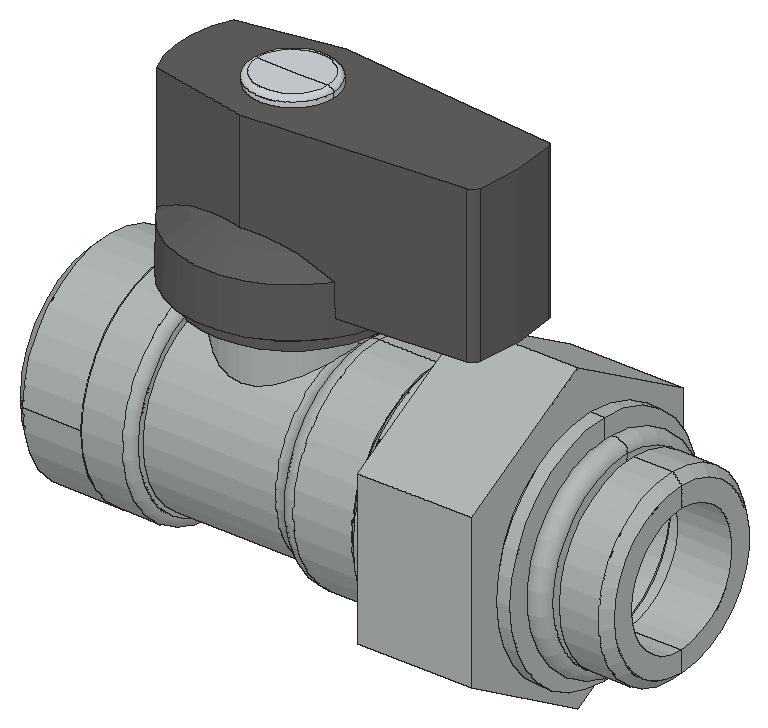
Revit family "QL10462415", category Apparecchi idraulici, Revit 2020
Family settings
  Quota connettore circolare = Usa diametro
  Tipo di parte = Normale
  Numero OmniClass = 23.45.00.00
  Titolo OmniClass = Sanitary, Laundry, and Cleaning Equipment
  Basato su piano di lavoro = No
  Sempre verticale = Sì
  Taglio con vuoti quando caricato = No
  Condiviso = No
  Punto di calcolo locali = No
Parameters
  URL = "https://web.cimberio.com/index.php/figura/983?subcategoria_id=80"
  Temperatura di esercizio = ""
  Prospetto di default = 0 mm
  Produttore = "CIMBERIO SPA"
  Pressione nominale = ""
  Modello = "Cim 075"
  Materiale = "Prodotto in lega di ottone conforme alla norma EN 12165-CW617N-DW"
  Descrizione = "Realizzato in ottemperanza ai requisiti gestionali della norma EN ISO 9001.\r\nCollaudato al 100% secondo la normativa EN 12266-1."
  DN [instance] = 18 mm
  Commenti sul tipo = "Utilizzato nei più svariati settori dell'impiantistica: impianti di riscaldamento, condizionamento, idrici, igienico-sanitari, aria compressa e in generale con ogni fluido non corrosivo"
Reference planes
  plane 1 "Centro (Fronte/Retro)": y = 0
  plane 2: z = 0
  plane 3 "Centro (Sinistra/Destra)": x = 0
Forms (mm)
  Revolve 1, solid, material "Cim_Gomma"
    sketch origin (1.72, 0, -14.009) x (1, 0, 0) y (0, 0, 1)
      loop
        line (-13.65, 29.159) -> (-12.068, 28.245) -> (-12.068, 27.3) -> (-1.75, 27.3) -> (-1.75, 38.235)
        arc (-1.75, 38.235) -> (-7.968, 37.443) -> (-13.555, 34.603) r 18.326
        line (-13.555, 34.603) -> (-13.65, 29.159)
      axis (-1.75, 27.3) -> (-1.75, 38.235)
    angle from 0 to 360
  Revolve 2, solid
    sketch origin (1.75, 0, -13.99) x (1, 0, 0) y (0, 0, 1)
      loop
        line (-6.25, 48.586) -> (-6.25, 47.06) -> (-1.75, 47.06) -> (-1.75, 49.1) -> (-5.644, 49.1)
        arc (-5.644, 49.1) -> (-6.041, 48.954) -> (-6.25, 48.586) r 0.614
      axis (-1.75, 49.1) -> (-1.75, 47.06)
    angle from 0 to 360
  Extrusion 3, solid, material "Cim_Gomma"
    sketch origin (1.564, 0, -13.989) x (1, 0, 0) y (0, 1, 0)
      loop
        line (-1.55, -7.358) -> (21.897, -5.374)
        arc (21.897, -5.374) -> (22.482, -5.121) -> (22.795, -4.565) r 1
        arc (22.795, -4.565) -> (23.239, 0.126) -> (22.795, 4.817) r 25
        arc (22.795, 4.817) -> (22.645, 5.184) -> (22.364, 5.464) r 1
        line (22.364, 5.464) -> (-1.549, 7.359) -> (-12.286, 5.325)
        arc (-12.286, 5.325) -> (-13.555, -0.054) -> (-12.237, -5.422) r 11.805
        line (-12.237, -5.422) -> (-1.55, -7.358)
    from 31.045 to 48.089
  Revolve 4, solid, material "Cim_Lega di ottone"
    sketch origin (0, 0, 0) x (1, 0, 0) y (0, 0, 1)
      loop
        line (16.1, -9) -> (-8.2, -9) -> (-8.2, -10.5) -> (6.472, -10.5)
        arc (6.472, -10.5) -> (7.439, -10.775) -> (8.214, -11.414) r 2.453
        arc (8.214, -11.414) -> (8.863, -11.848) -> (9.628, -12) r 2
        line (9.628, -12) -> (16.1, -12) -> (16.1, -9)
      axis (-8.2, 0) -> (16.1, 0)
    angle from 0 to 360
  Revolve 5, solid, material "Cim_Lega di ottone"
    sketch origin (0, 0, 0) x (1, 0, 0) y (0, 0, 1)
      loop
        line (-7.25, 15.629) -> (-7.25, 2.95) -> (-5, 2.95) -> (-5, 15.629) -> (-7.25, 15.629)
      axis (0, 15.629) -> (0, 2.95)
    angle from 0 to 360
  Revolve 6, solid, material "Cim_Lega di ottone filetto"
    sketch origin (4.71, 0, 0) x (1, 0, 0) y (0, 1, 0)
      loop
        line (-24.91, 12) -> (-26.21, 10.7) -> (-26.21, 9) -> (-18.503, 9) -> (-18.503, 12) -> (-24.91, 12)
      axis (-26.21, 0) -> (-18.503, 0)
    angle from 0 to 360
  Revolve 7, solid, material "Cim_Lega di ottone"
    sketch origin (0, 0, 0) x (1, 0, 0) y (0, 0, 1)
      loop
        line (-13.794, -9) -> (-13.794, -12) -> (-9.2, -12)
        arc (-9.2, -12) -> (-8.493, -11.707) -> (-8.2, -11) r 1
        line (-8.2, -11) -> (-8.2, -9) -> (-13.794, -9)
      axis (-13.794, 0) -> (-8.2, 0)
    angle from 0 to 360
  Revolve 8, solid, material "Cim_Lega di ottone"
    sketch origin (0, 0, 0) x (1, 0, 0) y (0, 0, 1)
      loop
        line (16.1, 12) -> (16.1, 9) -> (18.9, 9) -> (18.9, 13) -> (17.1, 13) -> (16.1, 12)
      axis (16.1, 0) -> (18.9, 0)
    angle from 0 to 360
  Extrusion 9, solid, material "Cim_Lega di ottone"
    sketch origin (0, 0, 0) x (0, 1, 0) y (0, 0, 1)
      loop
        circle (0, 0) r 9
      loop
        line (0, 16.85) -> (-14.593, 8.425) -> (-14.593, -8.425) -> (0, -16.85) -> (14.593, -8.425) -> (14.593, 8.425) -> (0, 16.85)
    from 18.9 to 31.4
  Revolve 10, solid, material "Cim_Lega di ottone"
    sketch origin (0, 0, 0) x (1, 0, 0) y (0, 0, 1)
      loop
        line (31.4, 9) -> (34.4, 9) -> (34.4, 13) -> (32.9, 13) -> (32.9, 11) -> (31.4, 11) -> (31.4, 9)
      axis (31.4, 0) -> (34.4, 0)
    angle from 0 to 360
  Revolve 11, solid, material "Cim_Lega di ottone"
    sketch origin (0, 0, 0) x (1, 0, 0) y (0, 0, 1)
      loop
        arc (36.9, 10.25) -> (35.649, 11.5) -> (34.4, 10.248) r 1.25
        line (34.4, 10.248) -> (34.4, 9) -> (36.9, 9) -> (36.9, 10.25)
      axis (34.4, 0) -> (36.9, 0)
    angle from 0 to 360
  Revolve 12, solid, material "Cim_Lega di ottone filetto"
    sketch origin (0, 0, 0) x (1, 0, 0) y (0, 0, 1)
      loop
        line (42.9, 7) -> (42.9, 9.25) -> (41.892, 10.25) -> (37.622, 10.25) -> (36.9, 9) -> (36.9, 7) -> (42.9, 7)
      axis (42.9, 0) -> (36.9, 0)
    angle from 0 to 360
Dimensions and locks
  aligned and locked: level to plane 2
Connectors
  piping at (42.9, 0, 0), diameter 18, driven by "DN"
    settings: on Revolve 12, index 1, connector inside diameter 609.6 mm, connector length 0 mm, flow factor 0, pipe flow 0.0 L/s, pressure drop 0.0 Pa, fitting loss kfactor 0, connector angle 0.00°, fixture units 0, engagement length 0 mm, angle of deflection 0.00°, flow configuration 0, flow direction 0, fitting loss method 0, system type 7, joint type 0, gender type 0, connector reference index -1, connector utility 0, adjustable connector no, is connector primary yes, connector description ""
  piping at (-21.5, 0, 0), diameter 18, driven by "DN"
    settings: on Revolve 6, index 2, connector inside diameter 609.6 mm, connector length 0 mm, flow factor 0, pipe flow 0.0 L/s, pressure drop 0.0 Pa, fitting loss kfactor 0, connector angle 0.00°, fixture units 0, engagement length 0 mm, angle of deflection 0.00°, flow configuration 0, flow direction 0, fitting loss method 0, system type 7, joint type 0, gender type 0, connector reference index -1, connector utility 0, adjustable connector no, is connector primary no, connector description ""
